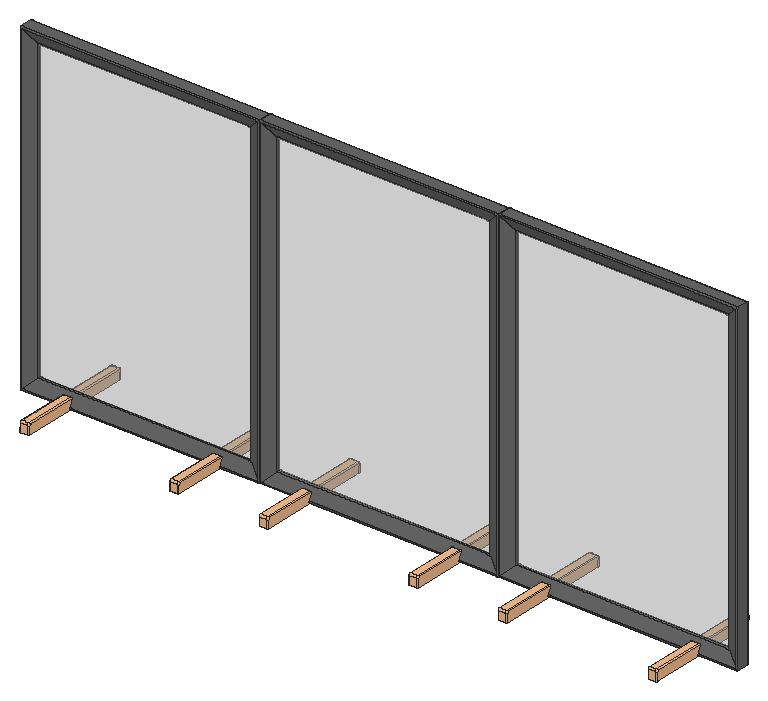
Revit family "REVIT-MG-1028-Parban-", category Furniture, Revit 2016
Family settings
  OmniClass Number = 23.40.20.00
  OmniClass Title = General Furniture and Specialties
  Work Plane-Based = No
  Always vertical = Yes
  Cut with Voids When Loaded = No
  Shared = No
  Room Calculation Point = No
Parameters (values of type "MG-1028")
  URL = "www.magnusongroup.com"
  Type Comments = "Stand Alone"  # constant formula
  Salvage or Reuse = yes
  Percentage of Recycled Content = 0
  Model = "MG-1028"
  Manufacturer = "Magnuson Group"  # constant formula
  Low Emitting Material = yes
  Low Emitting Finish = yes
  Revit File Built By = "https://servex-us.com/servex-revit/"
  Description = "Parban Space Dividers"
Reference planes (in)
  plane 1 "Center Front/Back": y = 0
  plane 2: z = 0
  plane 3 "Center Left/Right": x = 0
Dimensions and locks (in)
  aligned and locked: level to plane 2
Nested families (in)
  nested 1: "Magnuson-Parban-Space_Divider" at (18.6875, -9, 0), type "PARBAN-S"
  nested 2: "Magnuson-Parban-Space_Divider" at (56.0625, -9, 0), type "PARBAN-S"
  nested 3: "Magnuson-Parban-Space_Divider" at (93.4375, -9, 0), type "PARBAN-S"
Definition of nested family "Magnuson-Parban-Space_Divider"
  Parameters (values of type "PARBAN-L")
    Width = 37 3/8"
    URL = "www.magnusongroup.com"
    Type Comments = "Parban"  # constant formula
    Screen Finish = none
    Salvage or Reuse = yes
    Percentage of Recycled Content = 0
    Model = "PARBAN-L"
    Manufacturer = "Magnuson Group"  # constant formula
    Low Emitting Material = yes
    Low Emitting Finish = yes
    Keynote = "12500"
    Height = 71 1/2"
    Glide Finish = none
    Frame Finish = none
    Description = "Space Dividers 71 1/2\"H"
    Depth = 18"
    Base Finish = none
    Assembly Code = "E2020200"
  Types (5): name | Model | Height | Description
    (no name) | "PARBAN-L" | 71 1/2" | "Space Dividers 71 1/2\"H"
    PARBAN-L | "PARBAN-L" | 71 1/2" | "Space Dividers 71 1/2\"H"
    PARBAN-S | "PARBAN-S" | 51 1/4" | "Space Dividers 51 1/4\"H"
    PARBAN-POLY-L | "PARBAN-POLY-L" | 71 1/2" | "Space Dividers 71 1/2\"H Polypropylene Screen"
    PARBAN-POLY-S | "PARBAN-POLY-S" | 51 1/4" | "Space Dividers 51 1/4\"H Polypropylene Screen"
  Reference planes (in)
    plane 1 "Center Front/Back": y = 0
    plane 2: z = 0
    plane 3 "Center Left/Right": x = 0
    plane 4: x = -18.6875
    plane 5: x = 18.6875
    plane 6: y = 9
    plane 7: y = -9
    plane 8: z = 71.5
    plane 9: z = 0.15746
    plane 10: z = 1.73227
  Forms (in)
    Sweep 1, solid, material <- "Frame Finish"
      path origin (0, 0, 0) x (1, 0, 0) y (0, 0, 1)
        loop
          line (-18.6875, 71.5) -> (-18.6875, 0.374) -> (18.6875, 0.374) -> (18.6875, 71.5) -> (-18.6875, 71.5)
      profile origin (0, 0, 71.5) x (0, 0, 1) y (0, -1, 0)
        loop
          line (0, -0.9224) -> (0, 0.92403)
          arc (0, 0.92403) -> (-0.07399, 1.05687) -> (-0.22588, 1.06391) r 0.15625
          line (-0.22588, 1.06391) -> (-2.02604, 0.16786)
          arc (-2.02604, 0.16786) -> (-2.12999, 0) -> (-2.02604, -0.16786) r 0.1875
          line (-2.02604, -0.16786) -> (-0.22734, -1.06318)
          arc (-0.22734, -1.06318) -> (-0.07446, -1.05609) -> (0, -0.9224) r 0.15726
    Sweep 2, solid, material <- "Base Finish"
      path origin (0, 0, 0) x (0, 1, 0) y (0, 0, 1)
        loop
          line (8.84375, 0.15746) -> (8.84375, 1.48227)
          arc (8.84375, 1.48227) -> (8.81629, 1.54856) -> (8.75, 1.57602) r 0.09375
          line (8.75, 1.57602) -> (-8.75, 1.57602)
          arc (-8.75, 1.57602) -> (-8.81629, 1.54856) -> (-8.84375, 1.48227) r 0.09375
          line (-8.84375, 1.48227) -> (-8.84375, 0.15746)
      profile origin (0, 0, 1.57602) x (0, 0, -1) y (1, 0, 0)
        loop
          line (-0.15625, 12.2453) -> (-0.15625, 11.17985)
          arc (-0.15625, 11.17985) -> (-0.11049, 11.06936) -> (0, 11.0236) r 0.15625
          line (0, 11.0236) -> (0.032, 11.0236) -> (0.032, 12.40155) -> (0, 12.40155)
          arc (0, 12.40155) -> (-0.11049, 12.35579) -> (-0.15625, 12.2453) r 0.15625
        loop
          arc (-0.15625, -12.2453) -> (-0.11049, -12.35579) -> (0, -12.40155) r 0.15625
          line (0, -12.40155) -> (0.032, -12.40155) -> (0.032, -11.0236) -> (0, -11.0236)
          arc (0, -11.0236) -> (-0.11049, -11.06936) -> (-0.15625, -11.17985) r 0.15625
          line (-0.15625, -11.17985) -> (-0.15625, -12.2453)
    Extrusion 3, solid, material <- "Base Finish"
      sketch origin (0, 0, 0) x (0, 1, 0) y (0, 0, 1)
        loop
          arc (-8.75, 1.54402) -> (-8.79366, 1.52593) -> (-8.81175, 1.48227) r 0.06175
          line (-8.81175, 1.48227) -> (-8.81175, 0.15746) -> (8.81175, 0.15746) -> (8.81175, 1.48227)
          arc (8.81175, 1.48227) -> (8.79366, 1.52593) -> (8.75, 1.54402) r 0.06175
          line (8.75, 1.54402) -> (-8.75, 1.54402)
      from -12.40155 to -11.0236
    Extrusion 4, solid, material <- "Base Finish"
      sketch origin (0, 0, 0) x (0, 1, 0) y (0, 0, 1)
        loop
          arc (-8.75, 1.54402) -> (-8.79366, 1.52593) -> (-8.81175, 1.48227) r 0.06175
          line (-8.81175, 1.48227) -> (-8.81175, 0.15746) -> (8.81175, 0.15746) -> (8.81175, 1.48227)
          arc (8.81175, 1.48227) -> (8.79366, 1.52593) -> (8.75, 1.54402) r 0.06175
          line (8.75, 1.54402) -> (-8.75, 1.54402)
      from 11.0236 to 12.40155
    Extrusion 5, void
      sketch origin (0, 0, 0) x (1, 0, 0) y (0, 0, 1)
        loop
          line (-12.40155, 0.15746) -> (-11.0236, 0.15746) -> (-11.0236, 1.57602)
          arc (-11.0236, 1.57602) -> (-11.06936, 1.6865) -> (-11.17985, 1.73227) r 0.15625
          line (-11.17985, 1.73227) -> (-12.2453, 1.73227)
          arc (-12.2453, 1.73227) -> (-12.35579, 1.6865) -> (-12.40155, 1.57602) r 0.15625
          line (-12.40155, 1.57602) -> (-12.40155, 0.15746)
        loop
          line (12.40155, 0.15746) -> (12.40155, 1.57602)
          arc (12.40155, 1.57602) -> (12.35579, 1.6865) -> (12.2453, 1.73227) r 0.15625
          line (12.2453, 1.73227) -> (11.17985, 1.73227)
          arc (11.17985, 1.73227) -> (11.06936, 1.6865) -> (11.0236, 1.57602) r 0.15625
          line (11.0236, 1.57602) -> (11.0236, 0.15746) -> (12.40155, 0.15746)
      from -1.18961 to 1.16526
    Extrusion 6, solid, material <- "Glide Finish"
      sketch origin (0, 0, 0) x (1, 0, 0) y (0, 1, 0)
        loop
          circle (-11.71257, 8.30707) r 0.3937
        loop
          circle (11.71257, 8.30707) r 0.3937
        loop
          circle (-11.71257, -8.30707) r 0.3937
        loop
          circle (11.71257, -8.30707) r 0.3937
      from 0 to 0.15746
    Extrusion 7, solid, material <- "Screen Finish"
      sketch origin (0, 0.03852, 0) x (1, 0, 0) y (0, 0, 1)
        loop
          line (-16.66178, 69.47429) -> (-16.66178, 2.40004) -> (16.66146, 2.40004) -> (16.66146, 69.47429) -> (-16.66178, 69.47429)
      from -0.00295 to 0.08
  Cuts and joins
    joined: Sweep 2, Extrusion 3, Extrusion 4
    Extrusion 5 cuts Sweep 1
  Lines and regions (in)
    symbolic lines
      curve 1: line (-18.6875, 0.9224, 0) -> (-18.6875, -0.92403, 0)
      curve 2: arc (-18.6875, 0.9224, 0) -> (-18.64144, 1.0336, 0) -> (-18.53024, 1.07966, 0) r 0.15726
      curve 3: arc (-18.53125, -1.08028, 0) -> (-18.64174, -1.03451, 0) -> (-18.6875, -0.92403, 0) r 0.15625
      curve 4: line (18.6875, -0.92403, 0) -> (18.6875, 0.9224, 0)
      curve 5: arc (18.6875, 0.9224, 0) -> (18.64144, 1.0336, 0) -> (18.53024, 1.07966, 0) r 0.15726
      curve 6: arc (18.53125, -1.08028, 0) -> (18.64174, -1.03451, 0) -> (18.6875, -0.92403, 0) r 0.15625
      curve 7: line (18.53125, -1.08028, 0) -> (-18.53125, -1.08028, 0)
      curve 8: line (-18.53024, 1.07966, 0) -> (18.53024, 1.07966, 0)
      curve 9: line (12.40155, 1.07966, 0) -> (12.40155, 8.84375, 0)
      curve 10: line (12.40155, -8.84375, 0) -> (12.40155, -1.08028, 0)
      curve 11: line (11.0236, -1.08028, 0) -> (11.0236, -8.84375, 0)
      curve 12: line (11.0236, 8.84375, 0) -> (11.0236, 1.07966, 0)
      curve 13: line (11.17985, -9, 0) -> (12.2453, -9, 0)
      curve 14: line (12.2453, 9, 0) -> (11.17985, 9, 0)
      curve 15: line (-12.40155, 8.84375, 0) -> (-12.40155, 1.07966, 0)
      curve 16: line (-12.40155, -1.08028, 0) -> (-12.40155, -8.84375, 0)
      curve 17: line (-11.0236, 1.07966, 0) -> (-11.0236, 8.84375, 0)
      curve 18: line (-11.0236, -8.84375, 0) -> (-11.0236, -1.08028, 0)
      curve 19: line (-12.2453, -9, 0) -> (-11.17985, -9, 0)
      curve 20: line (-11.17985, 9, 0) -> (-12.2453, 9, 0)
      curve 21: arc (-12.40155, 8.84375, 0) -> (-12.35579, 8.95424, 0) -> (-12.2453, 9, 0) r 0.15625
      curve 22: arc (-11.17985, 9, 0) -> (-11.06936, 8.95424, 0) -> (-11.0236, 8.84375, 0) r 0.15625
      curve 23: arc (-12.40155, -8.84375, 0) -> (-12.35579, -8.95424, 0) -> (-12.2453, -9, 0) r 0.15625
      curve 24: arc (-11.17985, -9, 0) -> (-11.06936, -8.95424, 0) -> (-11.0236, -8.84375, 0) r 0.15625
      curve 25: arc (11.0236, -8.84375, 0) -> (11.06936, -8.95424, 0) -> (11.17985, -9, 0) r 0.15625
      curve 26: arc (12.2453, -9, 0) -> (12.35579, -8.95424, 0) -> (12.40155, -8.84375, 0) r 0.15625
      curve 27: arc (11.0236, 8.84375, 0) -> (11.06936, 8.95424, 0) -> (11.17985, 9, 0) r 0.15625
      curve 28: arc (12.2453, 9, 0) -> (12.35579, 8.95424, 0) -> (12.40155, 8.84375, 0) r 0.15625
    symbolic lines, detail levels fine
      curve 29: line (-11.0236, -1.08028, 0) -> (-11.0236, 1.07966, 0)
      curve 30: line (-12.40155, -1.08028, 0) -> (-12.40155, 1.07966, 0)
      curve 31: line (11.0236, -1.08028, 0) -> (11.0236, 1.07966, 0)
      curve 32: line (12.40155, -1.08028, 0) -> (12.40155, 1.07966, 0)
      curve 33: arc (-11.31887, -8.30707, 0) -> (-11.71257, -7.91337, 0) -> (-12.10627, -8.30707, 0) r 0.3937
      curve 34: arc (-12.10627, -8.30707, 0) -> (-11.71257, -8.70077, 0) -> (-11.31887, -8.30707, 0) r 0.3937
      curve 35: arc (12.10627, -8.30707, 0) -> (11.71257, -7.91337, 0) -> (11.31887, -8.30707, 0) r 0.3937
      curve 36: arc (11.31887, -8.30707, 0) -> (11.71257, -8.70077, 0) -> (12.10627, -8.30707, 0) r 0.3937
      curve 37: arc (12.10627, 8.30707, 0) -> (11.71257, 8.70077, 0) -> (11.31887, 8.30707, 0) r 0.3937
      curve 38: arc (11.31887, 8.30707, 0) -> (11.71257, 7.91337, 0) -> (12.10627, 8.30707, 0) r 0.3937
      curve 39: arc (-12.10627, 8.30707, 0) -> (-11.71257, 7.91337, 0) -> (-11.31887, 8.30707, 0) r 0.3937
      curve 40: arc (-11.31887, 8.30707, 0) -> (-11.71257, 8.70077, 0) -> (-12.10627, 8.30707, 0) r 0.3937
  Dimensions and locks (in)
    equal spacing: plane 4, plane 3 "Center Left/Right", plane 5
    "Width": plane 4 to plane 5
    equal spacing: plane 6, plane 1 "Center Front/Back", plane 7
    "Depth": plane 6 to plane 7
    "Height": plane 8 to plane 2
    aligned and locked: level to plane 2
    aligned and locked: Extrusion 3 sketch curve to Sweep 2  (x3)
    aligned and locked: Sweep 2 to Extrusion 3
    aligned and locked: Extrusion 3 to Sweep 2
    aligned and locked: Extrusion 4 sketch curve to cut or joined group of Sweep 2, Extrusion 3, Extrusion 4  (x3)
    aligned and locked: Extrusion 4 to cut or joined group of Sweep 2, Extrusion 3, Extrusion 4
    aligned and locked: cut or joined group of Sweep 2, Extrusion 3, Extrusion 4 to Extrusion 4
    aligned and locked: Extrusion 6 to plane 2
    aligned and locked: plane 9 to Extrusion 6
    aligned and locked: Extrusion 7 sketch curve to cut or joined group of Sweep 1, Extrusion 5  (x4)
    aligned and locked: curve 2 to cut or joined group of Sweep 1, Extrusion 5
    aligned and locked: curve 3 to cut or joined group of Sweep 1, Extrusion 5
    aligned and locked: curve 5 to cut or joined group of Sweep 1, Extrusion 5
    aligned and locked: curve 6 to cut or joined group of Sweep 1, Extrusion 5
    aligned and locked: cut or joined group of Sweep 2, Extrusion 3, Extrusion 4 to curve 9
    aligned and locked: curve 10 to cut or joined group of Sweep 2, Extrusion 3, Extrusion 4
    aligned and locked: cut or joined group of Sweep 2, Extrusion 3, Extrusion 4 to curve 11
    aligned and locked: curve 12 to cut or joined group of Sweep 2, Extrusion 3, Extrusion 4
    aligned and locked: curve 13 to cut or joined group of Sweep 2, Extrusion 3, Extrusion 4
    aligned and locked: curve 14 to cut or joined group of Sweep 2, Extrusion 3, Extrusion 4
    aligned and locked: curve 15 to cut or joined group of Sweep 2, Extrusion 3, Extrusion 4
    aligned and locked: cut or joined group of Sweep 2, Extrusion 3, Extrusion 4 to curve 16
    aligned and locked: cut or joined group of Sweep 2, Extrusion 3, Extrusion 4 to curve 17
    aligned and locked: curve 18 to cut or joined group of Sweep 2, Extrusion 3, Extrusion 4
    aligned and locked: curve 19 to cut or joined group of Sweep 2, Extrusion 3, Extrusion 4
    aligned and locked: curve 20 to cut or joined group of Sweep 2, Extrusion 3, Extrusion 4
    aligned and locked: curve 21 to cut or joined group of Sweep 2, Extrusion 3, Extrusion 4
    aligned and locked: curve 22 to cut or joined group of Sweep 2, Extrusion 3, Extrusion 4
    aligned and locked: curve 23 to cut or joined group of Sweep 2, Extrusion 3, Extrusion 4
    aligned and locked: curve 24 to cut or joined group of Sweep 2, Extrusion 3, Extrusion 4
    aligned and locked: curve 25 to cut or joined group of Sweep 2, Extrusion 3, Extrusion 4
    aligned and locked: curve 26 to cut or joined group of Sweep 2, Extrusion 3, Extrusion 4
    aligned and locked: curve 27 to cut or joined group of Sweep 2, Extrusion 3, Extrusion 4
    aligned and locked: curve 28 to cut or joined group of Sweep 2, Extrusion 3, Extrusion 4
    aligned and locked: curve 29 to cut or joined group of Sweep 1, Extrusion 5
    aligned and locked: curve 30 to cut or joined group of Sweep 1, Extrusion 5
    aligned and locked: curve 32 to cut or joined group of Sweep 1, Extrusion 5
    aligned and locked: curve 33 to Extrusion 6
    aligned and locked: curve 34 to Extrusion 6
    aligned and locked: curve 35 to Extrusion 6
    aligned and locked: curve 36 to Extrusion 6
    aligned and locked: curve 37 to Extrusion 6
    aligned and locked: curve 38 to Extrusion 6
    aligned and locked: curve 39 to Extrusion 6
    aligned and locked: curve 40 to Extrusion 6
  Automatic sketch dimensions
    Sweep 1 sketch curve to plane 4 = 0"
    plane 5 to Sweep 1 sketch curve = 0"
    Sweep 1 sketch curve to plane 8 = 0"
    plane 9 to Sweep 1 sketch curve = 0.21654"
    Sweep 1 sketch curve to profile plane = 0"
    profile plane to Sweep 1 sketch curve = 0"
    profile plane to Sweep 1 sketch curve = 5/32"
    Sweep 1 sketch curve to Sweep 1 sketch curve = 0.15726"
    Sweep 1 sketch curve to Sweep 1 sketch curve = 0.06963"
    Sweep 1 sketch curve to Sweep 1 sketch curve = 0.07008"
    profile plane to Sweep 1 sketch curve = 1.94249"
    profile plane to Sweep 1 sketch curve = 0.16786"
    Sweep 1 sketch curve to Sweep 1 sketch curve = 0.08355"
    Sweep 1 sketch curve to profile plane = 0.16786"
    Sweep 1 sketch curve to profile plane = 0.9224"
    profile plane to Sweep 1 sketch curve = 0.92403"
    Sweep 2 sketch curve to plane 9 = 0"  (x2)
    plane 7 to Sweep 2 sketch curve = 5/32"
    Sweep 2 sketch curve to Sweep 2 sketch curve = 3/32"  (x2)
    Sweep 2 sketch curve to plane 6 = 1/4"
    Sweep 2 sketch curve to plane 10 = 1/4"
    Sweep 2 sketch curve to profile plane = 0"  (x4)
    profile plane to Sweep 2 sketch curve = 5/32"  (x2)
    Sweep 2 sketch curve to Sweep 2 sketch curve = 0.032"  (x2)
    Sweep 2 sketch curve to profile plane = 12.40155"
    Sweep 2 sketch curve to Sweep 2 sketch curve = 1.06545"  (x2)
    profile plane to Sweep 2 sketch curve = 11.0236"
    Extrusion 3 sketch curve to plane 9 = 0"
    Extrusion 4 sketch curve to plane 9 = 0"
    Extrusion 5 sketch curve to plane 9 = 0"  (x2)
    Extrusion 5 sketch curve to plane 10 = 0"  (x2)
    plane 4 to Extrusion 5 sketch curve = 6.28595"
    Extrusion 5 sketch curve to Extrusion 5 sketch curve = 5/32"  (x2)
    Extrusion 5 sketch curve to plane 10 = 5/32"  (x2)
    Extrusion 5 sketch curve to Extrusion 5 sketch curve = 1.06545"  (x2)
    plane 5 to Extrusion 5 sketch curve = 7.6639"
    plane 7 to Extrusion 6 sketch curve = 0.69293"  (x2)
    plane 4 to Extrusion 6 sketch curve = 6.97493"  (x2)
    Extrusion 6 sketch curve to plane 6 = 0.69293"  (x2)
    plane 5 to Extrusion 6 sketch curve = 6.97493"  (x2)
    curve 20 to plane 6 = 0"
    curve 19 to plane 7 = 0"
    curve 27 to plane 6 = 0"
    curve 13 to plane 7 = 0"
    plane 7 to curve 16 = 5/32"
    plane 4 to curve 16 = 6.28595"
    curve 15 to plane 6 = 5/32"
    plane 4 to curve 15 = 6.28595"
    curve 22 to plane 6 = 5/32"
    curve 21 to curve 22 = 1.06545"
    plane 7 to curve 24 = 5/32"
    curve 23 to curve 24 = 1.06545"
    curve 12 to plane 6 = 5/32"
    curve 12 to curve 28 = 1.37795"
    plane 7 to curve 11 = 5/32"
    plane 7 to curve 26 = 5/32"
    curve 25 to curve 26 = 1.06545"
    curve 14 to curve 28 = 5/32"
    curve 31 to curve 12 = 0"
    curve 32 to curve 10 = 0"
    radius of Extrusion 6 sketch curve = 0.3937"  (x4)
